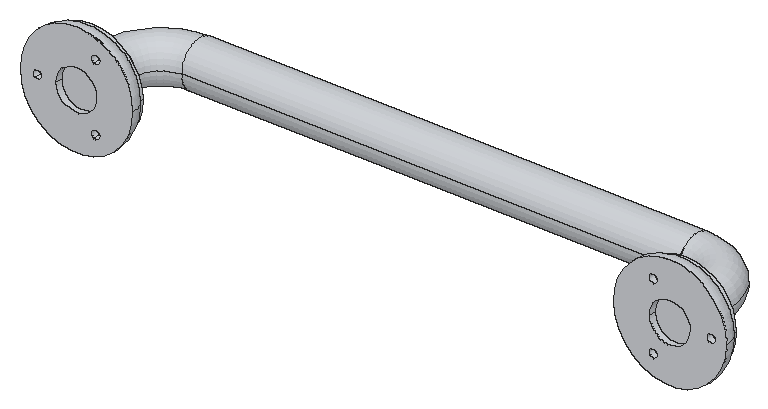
Revit family "AX8030X500_0005", category Appareils sanitaires, Revit 2016
Family settings
  Hôte = Mur
  Type d'élément = Normal
  Cote de connecteur circulaire = Utiliser le diamètre
  Numéro OmniClass = 23.75.00.00
  Titre OmniClass = Climate Control (HVAC)
  Toujours verticalement = Oui
  Couper avec des vides une fois chargée = Non
  Partagée = Non
  Point de calcul de pièce = Non
Parameters (values of type "Type 1")
  URL = "https://www.axeuro.com/fr/barres-dappui-droites/25438-barre-d-appui-ax8030x500.html?search_query=ax8030x500&results=2"
  Type de produit / Type of product = "Barre d'appui / Grab bar"  # constant formula
  Référence / Reference = "AX8030X500, AX8030X500P"  # constant formula
  Model = ""
  Manufacturer = ""
  Entreprise / Company = "Axeuro"  # constant formula
  Description = ""
Reference planes
  plane 1 "Mur": y = 0
  plane 2 "Centre (gauche/droite)": x = 0
  plane 3 "Arrière": y = 75
Forms (mm)
  Revolve 1, solid
    sketch origin (-210.05, 0, 920) x (1, 0, 0) y (0, 1, 0)
      loop
        line (22.856, 88.615) -> (22.856, 75.022) -> (39.95, 75.022)
        arc (39.95, 75.022) -> (39.095, 81.167) -> (35.8, 86.424) r 14.82
        line (35.8, 86.424) -> (35.8, 88.615) -> (22.856, 88.615)
      axis (0, 88.615) -> (0, 75.022)
    angle from 0 to 360
  Extrusion 2, solid
    sketch origin (-210.05, 75, 0) x (1, 0, 0) y (0, 0, 1)
      loop
        circle (0, 920) r 22.856
    from -13.615 to 0
  Revolve 3, solid
    sketch origin (210.05, 0, 920) x (-1, 0, 0) y (0, -1, 0)
      loop
        line (22.856, -88.615) -> (35.8, -88.615) -> (35.8, -86.424)
        arc (35.8, -86.424) -> (39.095, -81.167) -> (39.95, -75.022) r 14.82
        line (39.95, -75.022) -> (22.856, -75.022) -> (22.856, -88.615)
      axis (0, -88.615) -> (0, -75.022)
    angle from 0 to 360
  Extrusion 4, solid
    sketch origin (210.05, 75, 0) x (-1, 0, 0) y (0, 0, -1)
      loop
        circle (0, -920) r 22.856
    from -13.615 to 0
  Sweep 5, solid
    path origin (-0.995, 0, 920) x (1, 0, 0) y (0, 1, 0)
      loop
        line (-209.045, 88.615) -> (-209.045, 106.809)
        arc (-209.045, 106.809) -> (-199.058, 130.919) -> (-174.948, 140.905) r 34.097
        line (-174.948, 140.905) -> (176.948, 140.905)
        arc (176.948, 140.905) -> (201.058, 130.919) -> (211.045, 106.809) r 34.097
        line (211.045, 106.809) -> (211.045, 88.615)
    profile origin (-210.04, 97.712, 920) x (-1, 0, 0) y (0, 0, 1)
      loop
        circle (0, 0) r 16
  Extrusion 6, void
    sketch origin (-38.955, 0, 0) x (1, 0, 0) y (0, 0, 1)
      loop
        circle (-171.095, 920) r 14.5
    from -79.612 to -75
  Extrusion 7, void
    sketch origin (-40.945, 0, 0) x (1, 0, 0) y (0, 0, 1)
      loop
        circle (250.995, 920) r 14.5
    from -79.612 to -75
  Extrusion 8, void
    sketch origin (317.995, 0, 113.748) x (-0.62932, 0, -0.777146) y (0.777146, 0, -0.62932)
      loop
        circle (-276.991, -939.092) r 3
    from -79.612 to -75
  Extrusion 9, void
    sketch origin (359.195, 0, 89.955) x (-0.62932, 0, -0.777146) y (0.777146, 0, -0.62932)
      loop
        circle (-276.991, -939.092) r 3
    from -79.612 to -75
  Extrusion 10, void
    sketch origin (359.195, 0, 137.455) x (-0.62932, 0, -0.777146) y (0.777146, 0, -0.62932)
      loop
        circle (-276.991, -939.092) r 3
    from -79.509 to -75
  Extrusion 11, void
    sketch origin (-316.006, 0, 113.748) x (0.62932, 0, -0.777146) y (0.777146, 0, 0.62932)
      loop
        circle (-276.991, 939.092) r 3
    from -79.612 to -75
  Extrusion 12, void
    sketch origin (-357.206, 0, 89.955) x (0.62932, 0, -0.777146) y (0.777146, 0, 0.62932)
      loop
        circle (-276.991, 939.092) r 3
    from -79.612 to -75
  Extrusion 13, void
    sketch origin (-357.206, 0, 137.455) x (0.62932, 0, -0.777146) y (0.777146, 0, 0.62932)
      loop
        circle (-276.991, 939.092) r 3
    from -79.509 to -75
Cuts and joins
  Extrusion 6, Extrusion 8, Extrusion 9, Extrusion 10, Extrusion 11, Extrusion 12, Extrusion 13 cuts Revolve 1
  Extrusion 6, Extrusion 11, Extrusion 12, Extrusion 13 cuts Extrusion 2
  joined: Revolve 1, Extrusion 2
  Extrusion 7, Extrusion 8, Extrusion 10, Extrusion 11, Extrusion 12, Extrusion 13 cuts Revolve 3
  Extrusion 7, Extrusion 8, Extrusion 10 cuts Extrusion 4
  joined: Revolve 3, Extrusion 4
Lines and regions (mm)
  reference lines
    curve 1: line (-249.983, 75, 0) -> (-170.1, 75, 0)
    curve 2: line (249.966, 75, 0) -> (171.095, 75, 0)
Text (mm)
  text "Côté de la mise en place" at (-1820.995, 1116.779, 0), in view "Niveau de réf."
  text "Côté de la mise en place" at (0, 1334.055, 2976.191), in view "Gauche"
  text "Côté de la mise en place" at (0, 439.194, 2944.362), in view "Droite"
Dimensions and locks
  locked: plane 3 "Arrière" to host wall
  aligned and locked: plane 1 "Mur" to host wall
